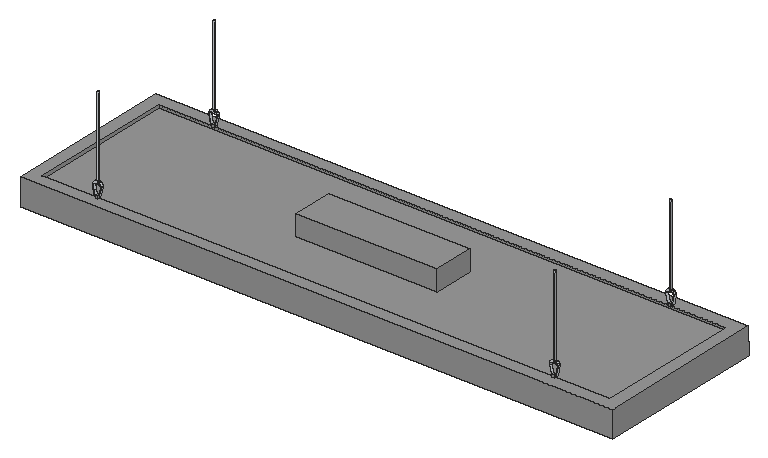
Revit family "HEFTY_4000K_16700LM_118W", category Lighting Fixtures, host Ceiling, Revit 2021
Family settings
  Host = Ceiling
  Round Connector Dimension = Use Diameter
  Part Type = Normal
  OmniClass Number = 23.80.70.11
  OmniClass Title = Luminaries for Internal Lighting
  Always vertical = Yes
  Cut with Voids When Loaded = No
  Light Source = Yes
  Shared = No
  Room Calculation Point = No
Parameters (values of type "Type 1")
  Wattage = 112.426 W
  built-in parameter 1150110 = 1 (stored number, unit not read)
  Type de lampe = "LED Mid Power"
  Type = "Luminaire industriel"
  built-in parameter 1114217 = 1 (stored number, unit not read)
  Tilt Angle = 90.00°
  Tension = "AC 220-240V"
  built-in parameter 1150109 = 1 (stored number, unit not read)
  built-in parameter 1150134 = 12
  built-in parameter 1150113 = 1 (stored number, unit not read)
  SDCM = "<3"
  Puissance nominale = "118W"
  Poids = "12 kg"
  Photometric Web File = "google_eulumdat_converter (6).ies"
  Matériau = "Acier galvanisé blanc"
  Maintien du flux = "L80B10 (50 000 heures)"
  Lumens = 16700 lm
  built-in parameter 1150115 = 1 (stored number, unit not read)
  built-in parameter 1150105 = 1328.9 (stored number, unit not read)
  built-in parameter 1150137 = (empty or 0)
  built-in parameter 1150139 = (empty or 0)
  built-in parameter 1150112 = 1 (stored number, unit not read)
  built-in parameter 1150114 = 1 (stored number, unit not read)
  built-in parameter 1150132 = 2
  built-in parameter 1150102 = (empty or 0)
  built-in parameter 1150138 = (empty or 0)
  built-in parameter 1150107 = 4000 (stored number, unit not read)
  built-in parameter 1150106 = 13.289 (stored number, unit not read)
  IRC = ">80"
  Emit from Rectangle Width = 609.6 mm
  Emit from Rectangle Length = 1219.2 mm
  Emit Shape Visible in Rendering = no
  built-in parameter 1150104 = 13.8 (stored number, unit not read)
  Durée de vie = "50 000 heures"
  Driver = "Driver Osram"
  Dimming Lamp Color Temperature Shift = <None>
  Dimensions = "1220x350x90 mm"
  Diffuseur = "Polycarbonate transparent"
  Default Elevation = 0 mm
  Color Filter = 16777215
  built-in parameter 1114218 = 1 (stored number, unit not read)
  built-in parameter 1150133 = 10 (stored number, unit not read)
  Angle d'éclairage = "90°"
Reference planes
  plane 1 "Light Source Axis (F/B)": y = 0
  plane 2: z = 0
  plane 3 "Light Source Axis (L/R)": x = 0
  plane 4 "Ceiling": z = 4000
  plane 5 "Light Source Elevation": z = 3750
Forms (mm)
  Extrusion 1, solid, material "Steel, Galvanized"
    sketch origin (0, 0, 4000) x (0, 1, 0) y (-1, 0, 0)
      loop
        line (175, 610) -> (-175, 610) -> (-175, -610) -> (175, -610) -> (175, 610)
      loop
        line (150, 585) -> (-150, 585) -> (-150, -585) -> (150, -585) -> (150, 585)
    from -250 to -196.102
  Extrusion 2, solid, material "Steel, Galvanized"
    sketch origin (0, 0, 4000) x (0, 1, 0) y (-1, 0, 0)
      loop
        line (150, 585) -> (-150, 585) -> (-150, -585) -> (150, -585) -> (150, 585)
    from -201.474 to -207.22
  Extrusion 3, solid, material "Steel, Galvanized"
    sketch origin (0, 0, 4000) x (0, 1, 0) y (-1, 0, 0)
      loop
        line (43.191, 147.964) -> (-41.809, 147.964) -> (-41.809, -142.036) -> (43.191, -142.036) -> (43.191, 147.964)
    from -207.22 to -160
  Extrusion 4, solid, material "Steel, Galvanized"
    sketch origin (195.234, -80.407, 4000) x (0, -1, 0) y (1, 0, 0)
      loop
        line (71.862, 277.481) -> (66.862, 277.481) -> (66.862, 272.481) -> (71.862, 272.481) -> (71.862, 277.481)
    from -196.102 to -190.59
  Extrusion 5, solid
    sketch origin (195.234, -80.407, 0) x (-1, 0, 0) y (0, 0, -1)
      loop
        line (-273.652, -3806.915) -> (-276.521, -3806.915) -> (-281.412, -3807.954) -> (-284.54, -3827.708)
        arc (-284.54, -3827.708) -> (-274.506, -3835.045) -> (-266.484, -3825.549) r 9.115
        line (-266.484, -3825.549) -> (-270.251, -3807.826) -> (-273.652, -3806.915)
      loop
        line (-274.011, -3807.991) -> (-276.306, -3807.991) -> (-279.848, -3808.744) -> (-282.81, -3827.45)
        arc (-282.81, -3827.45) -> (-274.423, -3831.527) -> (-267.537, -3825.237) r 8.303
        line (-267.537, -3825.237) -> (-271.034, -3808.788) -> (-274.011, -3807.991)
    from 67.418 to 71.074
  Extrusion 6, solid, material "Glass, White, High Luminance"
    sketch origin (0, 0, 4000) x (0, 1, 0) y (-1, 0, 0)
      loop
        line (150, 585) -> (-150, 585) -> (-150, -585) -> (150, -585) -> (150, 585)
    from -250 to -245.079
  Extrusion 7, solid
    sketch origin (195.234, -80.407, 4000) x (0, -1, 0) y (1, 0, 0)
      loop
        circle (68.947, 275) r 1.348
    from -170.446 to 0
  Extrusion 8, solid, material "Steel, Galvanized"
    sketch origin (195.234, 80.407, 4000) x (0, -1, 0) y (1, 0, 0)
      loop
        line (-71.862, 277.481) -> (-71.862, 272.481) -> (-66.862, 272.481) -> (-66.862, 277.481) -> (-71.862, 277.481)
    from -196.102 to -190.59
  Extrusion 9, solid
    sketch origin (195.234, 80.407, 0) x (-1, 0, 0) y (0, 0, 1)
      loop
        line (-273.652, 3806.915) -> (-270.251, 3807.826) -> (-266.484, 3825.549)
        arc (-266.484, 3825.549) -> (-274.506, 3835.045) -> (-284.54, 3827.708) r 9.115
        line (-284.54, 3827.708) -> (-281.412, 3807.954) -> (-276.521, 3806.915) -> (-273.652, 3806.915)
      loop
        line (-274.011, 3807.991) -> (-271.034, 3808.788) -> (-267.537, 3825.237)
        arc (-267.537, 3825.237) -> (-274.423, 3831.527) -> (-282.81, 3827.45) r 8.303
        line (-282.81, 3827.45) -> (-279.848, 3808.744) -> (-276.306, 3807.991) -> (-274.011, 3807.991)
    from 67.418 to 71.074
  Extrusion 10, solid
    sketch origin (195.234, 80.407, 4000) x (0, -1, 0) y (1, 0, 0)
      loop
        circle (-68.947, 275) r 1.348
    from -170.446 to 0
  Extrusion 11, solid, material "Steel, Galvanized"
    sketch origin (-195.234, 80.407, 4000) x (0, 1, 0) y (-1, 0, 0)
      loop
        line (71.862, 277.481) -> (66.862, 277.481) -> (66.862, 272.481) -> (71.862, 272.481) -> (71.862, 277.481)
    from -196.102 to -190.59
  Extrusion 12, solid
    sketch origin (-195.234, 80.407, 0) x (1, 0, 0) y (0, 0, -1)
      loop
        line (-273.652, -3806.915) -> (-276.521, -3806.915) -> (-281.412, -3807.954) -> (-284.54, -3827.708)
        arc (-284.54, -3827.708) -> (-274.506, -3835.045) -> (-266.484, -3825.549) r 9.115
        line (-266.484, -3825.549) -> (-270.251, -3807.826) -> (-273.652, -3806.915)
      loop
        line (-274.011, -3807.991) -> (-276.306, -3807.991) -> (-279.848, -3808.744) -> (-282.81, -3827.45)
        arc (-282.81, -3827.45) -> (-274.423, -3831.527) -> (-267.537, -3825.237) r 8.303
        line (-267.537, -3825.237) -> (-271.034, -3808.788) -> (-274.011, -3807.991)
    from 67.418 to 71.074
  Extrusion 13, solid
    sketch origin (-195.234, 80.407, 4000) x (0, 1, 0) y (-1, 0, 0)
      loop
        circle (68.947, 275) r 1.348
    from -170.446 to 0
  Extrusion 14, solid, material "Steel, Galvanized"
    sketch origin (-195.234, -80.407, 4000) x (0, 1, 0) y (-1, 0, 0)
      loop
        line (-71.862, 277.481) -> (-71.862, 272.481) -> (-66.862, 272.481) -> (-66.862, 277.481) -> (-71.862, 277.481)
    from -196.102 to -190.59
  Extrusion 15, solid
    sketch origin (-195.234, -80.407, 0) x (1, 0, 0) y (0, 0, 1)
      loop
        line (-273.652, 3806.915) -> (-270.251, 3807.826) -> (-266.484, 3825.549)
        arc (-266.484, 3825.549) -> (-274.506, 3835.045) -> (-284.54, 3827.708) r 9.115
        line (-284.54, 3827.708) -> (-281.412, 3807.954) -> (-276.521, 3806.915) -> (-273.652, 3806.915)
      loop
        line (-274.011, 3807.991) -> (-271.034, 3808.788) -> (-267.537, 3825.237)
        arc (-267.537, 3825.237) -> (-274.423, 3831.527) -> (-282.81, 3827.45) r 8.303
        line (-282.81, 3827.45) -> (-279.848, 3808.744) -> (-276.306, 3807.991) -> (-274.011, 3807.991)
    from 67.418 to 71.074
  Extrusion 16, solid
    sketch origin (-195.234, -80.407, 4000) x (0, 1, 0) y (-1, 0, 0)
      loop
        circle (-68.947, 275) r 1.348
    from -170.446 to 0
Lines and regions (mm)
  reference lines
    curve 1: line (0, 0, 4000) -> (325, 0, 4000)
    curve 2: line (0, 0, 4000) -> (-325, 0, 4000)
    curve 3: line (-325, 0, 4000) -> (-325, 95, 4000)
    curve 4: line (-325, 95, 4000) -> (325, 95, 4000)
    curve 5: line (325, 95, 4000) -> (325, -95, 4000)
    curve 6: line (325, -95, 4000) -> (-325, -95, 4000)
    curve 7: line (-325, -95, 4000) -> (-325, 0, 4000)
    curve 8: line (0, 0, 4000) -> (225, 0, 4000)
    curve 9: line (225, 0, 4000) -> (225, -70, 4000)
    curve 10: line (225, -70, 4000) -> (-275, -70, 4000)
    curve 11: line (-275, 70, 4000) -> (225, 70, 4000)
    curve 12: line (-325, 0, 4000) -> (-300, 0, 4000)
    curve 13: line (-300, 0, 4000) -> (-300, 5, 4000)
    curve 14: line (325, 0, 4000) -> (300, 0, 4000)
    curve 15: line (0, 0, 3750) -> (0, 0, 3840)
    curve 16: line (0, 0, 4000) -> (610, 0, 4000)
    curve 17: line (610, 0, 4000) -> (610, 25, 4000)
    curve 18: line (0, 0, 4000) -> (-610, 0, 4000)
    curve 19: line (0, -70, 4000) -> (470, -70, 4000)
    curve 20: line (470, -70, 4000) -> (470, -55, 4000)
    curve 21: line (325, 0, 4000) -> (325, 175, 4000)
    curve 22: line (325, 0, 4000) -> (325, -175, 4000)
Dimensions and locks
  equal spacing: host sketch curve, plane 3 "Light Source Axis (L/R)", host sketch curve
  equal spacing: host sketch curve, plane 1 "Light Source Axis (F/B)", host sketch curve
  host sketch curve to host sketch curve = 4000 mm  (x2)
  plane 4 "Ceiling" to host ceiling = 0 mm
  aligned and locked: plane 3 "Light Source Axis (L/R)" to imposter light
  aligned and locked: plane 1 "Light Source Axis (F/B)" to imposter light
  aligned and locked: plane 5 "Light Source Elevation" to imposter light
